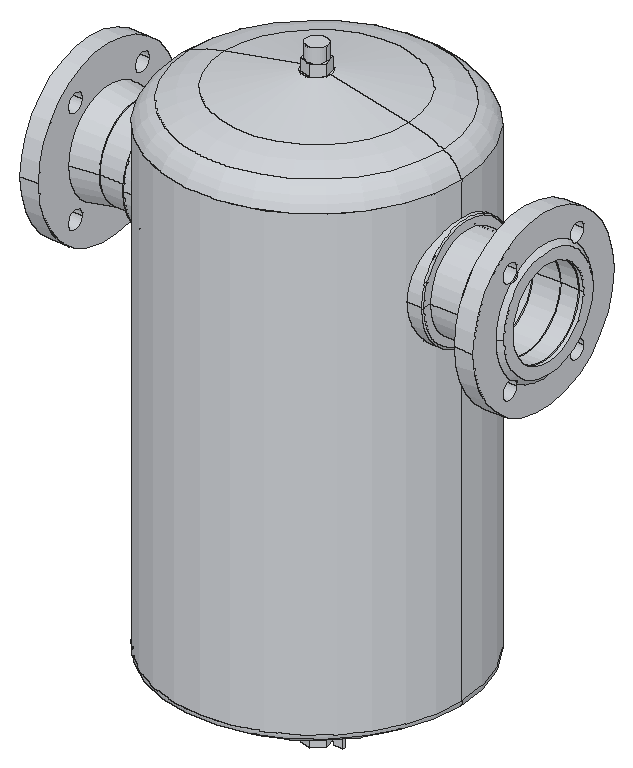
Revit family "Magnetic Dirt-Separator - R146MY110", category Plumbing Fixtures, Revit 2015
Reference planes
  plane 1 "Center (Front/Back)": y = 0
  plane 2: z = 0
  plane 3 "Center (Left/Right)": x = 0
  plane 4: y = 27.082
  plane 5: y = -27.082
  plane 6: y = 27.082
  plane 7: y = -27.082
  plane 8: y = 27.082
  plane 9: y = -27.082
  plane 10: x = 157
  plane 11: x = -157
  plane 12: z = 677
  plane 13: z = 502
  plane 14: x = 250
  plane 15: x = -250
  plane 16: y = 40
Forms (mm)
  Revolve 1, solid
    sketch origin (0, 0, 3) x (1, 0, 0) y (0, 0, 1)
      loop
        line (-157, 595.38) -> (-157, 90.761)
        arc (-157, 90.761) -> (-156.776, 88.33) -> (-156.111, 85.981) r 13.306
        arc (-156.111, 85.981) -> (-118.712, 66.054) -> (-77.013, 58.503) r 137.074
        line (-77.013, 58.503) -> (0, 58.503) -> (0, 647.163) -> (-15, 647.163)
        arc (-15, 647.163) -> (-57.151, 638.224) -> (-99.457, 630.048) r 2383.951
        arc (-99.457, 630.048) -> (-118.686, 625.195) -> (-137.119, 617.88) r 151.942
        arc (-137.119, 617.88) -> (-149.364, 608.666) -> (-157, 595.38) r 38.188
      axis (0, 647.163) -> (0, 58.503)
    angle from 0 to 360
  Extrusion 2, solid
    sketch origin (0, 0, 648.912) x (1, 0, 0) y (0, 1, 0)
      loop
        line (9.899, 9.899) -> (-3.623, 13.523) -> (-13.523, 3.623) -> (-9.899, -9.899) -> (3.623, -13.523) -> (13.523, -3.623) -> (9.899, 9.899)
    from -0.912 to 13.088
  Extrusion 3, solid
    sketch origin (0, 0, 662) x (1, 0, 0) y (0, 1, 0)
      loop
        circle (0, 0) r 11
    from 0 to 15
  Extrusion 4, solid
    sketch origin (-37.5, 0, 63.737) x (0, 1, 0) y (0, 0, -1)
      loop
        circle (0, -438.263) r 50
    from -232.5 to 157.5
  Extrusion 5, solid
    sketch origin (0, 0, 37.792) x (0, -1, 0) y (1, 0, 0)
      loop
        line (-9.899, 9.899) -> (-13.523, -3.623) -> (-3.623, -13.523) -> (9.899, -9.899) -> (13.523, 3.623) -> (3.623, 13.523) -> (-9.899, 9.899)
    from 7.343 to 14.343
  Extrusion 6, solid
    sketch origin (0, 0, 53.87) x (0, -1, 0) y (1, 0, 0)
      loop
        circle (0, 0) r 12
    from -1.736 to 1.264
  Extrusion 7, solid
    sketch origin (0, 0, 49.331) x (0, -1, 0) y (1, 0, 0)
      loop
        circle (0, 0) r 13
    from 5.803 to 12.803
  Revolve 8, solid
    sketch origin (16.384, 0, 28.102) x (1, 0, 0) y (0, 1, 0)
      loop
        line (0.632, -8.291) -> (12.097, -8.291) -> (12.563, -7.291) -> (6.89, -7.291) -> (6.89, -2.2) -> (10.212, -2.2) -> (10.212, 0) -> (-27.115, 0) -> (-27.115, -7) -> (0.632, -7) -> (0.632, -8.291)
      axis (-27.115, 0) -> (12.563, 0)
    angle from 0 to 360
  Extrusion 9, solid
    sketch origin (0, -1, -5.625) x (-1, 0, 0) y (0, 0, 1)
      loop
        line (-17.015, 41.903) -> (-17.015, 47.933) -> (-19.099, 58.652) -> (-28.947, 58.652) -> (-28.947, 42.73) -> (-28.47, 41.903) -> (-17.015, 41.903)
      loop
        line (-19.099, 8.802) -> (-17.015, 19.522) -> (-17.015, 25.572) -> (-28.458, 25.572) -> (-28.947, 24.724) -> (-28.947, 8.802) -> (-19.099, 8.802)
    from 0 to 2
  SweptBlend 10, solid
    path origin (89.99, 0, 40) x (1, 0, 0) y (0, 0, 1)
      loop
        line (135.01, 462) -> (105.01, 462)
    profile origin (225, 0, 502) x (0, 0, -1) y (0, -1, 0)
      loop
        circle (0, 0) r 55
    end profile origin (195, 0, 502) x (0, 0, -1) y (0, -1, 0)
      loop
        circle (0, 0) r 50
  Extrusion 11, solid
    sketch origin (-147.5, 0, 63.737) x (0, 1, 0) y (0, 0, 1)
      loop
        circle (0, 438.263) r 95
      loop
        circle (45.307, 494.859) r 10
      loop
        circle (-45.307, 494.859) r 10
      loop
        circle (45.307, 381.667) r 10
      loop
        circle (-45.307, 381.667) r 10
    from -97.5 to -77.5
  SweptBlend 12, solid
    path origin (-89.99, 0, 40) x (-1, 0, 0) y (0, 0, -1)
      loop
        line (135.01, -462) -> (105.01, -462)
    profile origin (-225, 0, 502) x (0, 0, 1) y (0, -1, 0)
      loop
        circle (0, 0) r 55
    end profile origin (-195, 0, 502) x (0, 0, 1) y (0, -1, 0)
      loop
        circle (0, 0) r 50
  SweptBlend 13, solid
    path origin (-442.49, 0, 40) x (1, 0, 0) y (0, 0, 1)
      loop
        line (197.49, 462) -> (192.49, 462)
    profile origin (-245, 0, 502) x (0, 0, -1) y (0, -1, 0)
      loop
        circle (0, 0) r 65
    end profile origin (-250, 0, 502) x (0, 0, -1) y (0, -1, 0)
      loop
        circle (0, 0) r 60
  Extrusion 14, solid
    sketch origin (0, 0, -7.343) x (0, -1, 0) y (1, 0, 0)
      loop
        line (-9.899, 9.899) -> (-13.523, -3.623) -> (-3.623, -13.523) -> (9.899, -9.899) -> (13.523, 3.623) -> (3.623, 13.523) -> (-9.899, 9.899)
    from 7.343 to 17.343
  Extrusion 15, solid
    sketch origin (0, 0, 36.27) x (0, -1, 0) y (1, 0, 0)
      loop
        circle (0, 0) r 13
    from -26.27 to 8.865
  Extrusion 16, solid
    sketch origin (147.5, 0, 63.737) x (0, 1, 0) y (0, 0, -1)
      loop
        circle (0, -438.263) r 95
      loop
        circle (45.307, -494.859) r 10
      loop
        circle (-45.307, -494.859) r 10
      loop
        circle (45.307, -381.667) r 10
      loop
        circle (-45.307, -381.667) r 10
    from -97.5 to -77.5
  SweptBlend 17, solid
    path origin (442.49, 0, 40) x (-1, 0, 0) y (0, 0, -1)
      loop
        line (197.49, -462) -> (192.49, -462)
    profile origin (245, 0, 502) x (0, 0, 1) y (0, -1, 0)
      loop
        circle (0, 0) r 65
    end profile origin (250, 0, 502) x (0, 0, 1) y (0, -1, 0)
      loop
        circle (0, 0) r 60
  Extrusion 18, void
    sketch origin (85, 0, 40) x (0, 1, 0) y (0, 0, 1)
      loop
        circle (-45.307, 518.596) r 10
    from 134.322 to 170
  Extrusion 19, void
    sketch origin (85, 90.614, 40) x (0, 1, 0) y (0, 0, 1)
      loop
        circle (-45.307, 518.596) r 10
    from 134.322 to 170
  Extrusion 20, void
    sketch origin (85, 90.614, -73.193) x (0, 1, 0) y (0, 0, 1)
      loop
        circle (-45.307, 518.596) r 10
    from 134.322 to 170
  Extrusion 21, void
    sketch origin (85, 0, -73.193) x (0, 1, 0) y (0, 0, 1)
      loop
        circle (-45.307, 518.596) r 10
    from 134.322 to 170
  Extrusion 22, void
    sketch origin (-385, 90.614, 40) x (0, 1, 0) y (0, 0, 1)
      loop
        circle (-45.307, 518.596) r 10
    from 127.052 to 170
  Extrusion 23, void
    sketch origin (-385, 90.614, -73.193) x (0, 1, 0) y (0, 0, 1)
      loop
        circle (-45.307, 518.596) r 10
    from 129.816 to 170
  Extrusion 24, void
    sketch origin (-385, 0, -73.193) x (0, 1, 0) y (0, 0, 1)
      loop
        circle (-45.307, 518.596) r 10
    from 129.816 to 170
  Extrusion 25, void
    sketch origin (-385, 0, 40) x (0, 1, 0) y (0, 0, 1)
      loop
        circle (-45.307, 518.596) r 10
    from 129.816 to 170
  Revolve 26, solid
    sketch origin (-7.5, 0, 502) x (1, 0, 0) y (0, 1, 0)
      loop
        line (-154.644, 50.388) -> (170.247, 50.388) -> (170.247, 58.739)
        arc (170.247, 58.739) -> (169.809, 59.794) -> (168.754, 60.231) r 1.492
        line (168.754, 60.231) -> (-153.151, 60.231)
        arc (-153.151, 60.231) -> (-154.207, 59.794) -> (-154.644, 58.739) r 1.492
        line (-154.644, 58.739) -> (-154.644, 50.388)
      axis (170.247, 0) -> (-154.644, 0)
    angle from 0 to 360
  Sweep 27, void
    path origin (0, 0, 0) x (1, 0, 0) y (0, 1, 0)
      loop
        line (290, 0) -> (-365, 0)
    profile origin (-37.5, 0, 0) x (0, -1, 0) y (0, 0, 1)
      loop
        circle (0, 502) r 48
Cuts and joins
  Extrusion 18, Sweep 27 cuts Revolve 1
  Extrusion 18, Extrusion 19, Extrusion 20, Extrusion 21, Sweep 27 cuts Extrusion 16
  Extrusion 18, Extrusion 19, Extrusion 20, Extrusion 21, Sweep 27 cuts SweptBlend 17
  Extrusion 22, Extrusion 23, Extrusion 24, Extrusion 25, Sweep 27 cuts Extrusion 11
  Extrusion 22, Extrusion 23, Extrusion 24, Extrusion 25, Sweep 27 cuts SweptBlend 13
  Sweep 27 cuts Extrusion 4
  Sweep 27 cuts SweptBlend 10
  Sweep 27 cuts SweptBlend 12
Dimensions and locks
  equal spacing: plane 10, plane 3 "Center (Left/Right)", plane 11
  plane 10 to plane 3 "Center (Left/Right)" = 157 mm
  plane 10 to plane 11 = 314 mm
  plane 2 to plane 12 = 677 mm
  plane 2 to plane 13 = 502 mm
  plane 14 to plane 15 = 500 mm
  plane 14 to plane 3 "Center (Left/Right)" = 250 mm
  equal spacing: plane 14, plane 3 "Center (Left/Right)", plane 15
  aligned and locked: level to plane 2
Automatic sketch dimensions
  Extrusion 2 sketch curve to plane 3 "Center (Left/Right)" = 3.623 mm
  plane 3 "Center (Left/Right)" to Extrusion 2 sketch curve = 3.623 mm
  plane 3 "Center (Left/Right)" to Extrusion 2 sketch curve = 9.899 mm
  plane 1 "Center (Front/Back)" to Extrusion 2 sketch curve = 3.623 mm
  plane 3 "Center (Left/Right)" to Extrusion 2 sketch curve = 13.523 mm
  plane 1 "Center (Front/Back)" to Extrusion 2 sketch curve = 9.899 mm
  plane 1 "Center (Front/Back)" to Extrusion 2 sketch curve = 13.523 mm
  Extrusion 2 sketch curve to plane 1 "Center (Front/Back)" = 3.623 mm
  Extrusion 2 sketch curve to plane 1 "Center (Front/Back)" = 9.899 mm
  Extrusion 2 sketch curve to plane 1 "Center (Front/Back)" = 13.523 mm
  plane 1 "Center (Front/Back)" to Extrusion 3 sketch curve = 0 mm
  Extrusion 3 sketch curve to plane 3 "Center (Left/Right)" = 0 mm
  Extrusion 4 sketch curve to plane 1 "Center (Front/Back)" = 0 mm
  Extrusion 5 sketch curve to plane 3 "Center (Left/Right)" = 3.623 mm
  Extrusion 5 sketch curve to plane 1 "Center (Front/Back)" = 13.523 mm
  Extrusion 5 sketch curve to plane 1 "Center (Front/Back)" = 9.899 mm
  Extrusion 5 sketch curve to plane 1 "Center (Front/Back)" = 3.623 mm
  plane 1 "Center (Front/Back)" to Extrusion 5 sketch curve = 3.623 mm
  plane 1 "Center (Front/Back)" to Extrusion 5 sketch curve = 9.899 mm
  plane 3 "Center (Left/Right)" to Extrusion 5 sketch curve = 3.623 mm
  plane 1 "Center (Front/Back)" to Extrusion 5 sketch curve = 13.523 mm
  plane 3 "Center (Left/Right)" to Extrusion 5 sketch curve = 9.899 mm
  plane 3 "Center (Left/Right)" to Extrusion 5 sketch curve = 13.523 mm
  plane 1 "Center (Front/Back)" to Extrusion 6 sketch curve = 0 mm
  Extrusion 6 sketch curve to plane 3 "Center (Left/Right)" = 0 mm
  plane 1 "Center (Front/Back)" to Extrusion 7 sketch curve = 0 mm
  Extrusion 7 sketch curve to plane 3 "Center (Left/Right)" = 0 mm
  plane 1 "Center (Front/Back)" to Revolve 8 sketch curve = 0 mm  (x2)
  plane 1 "Center (Front/Back)" to Revolve 8 sketch curve = 8.291 mm
  plane 3 "Center (Left/Right)" to Revolve 8 sketch curve = 17.015 mm
  Revolve 8 sketch curve to Revolve 8 sketch curve = 6.258 mm
  Revolve 8 sketch curve to Revolve 8 sketch curve = 3.322 mm
  Revolve 8 sketch curve to Revolve 8 sketch curve = 5.207 mm
  plane 1 "Center (Front/Back)" to Revolve 8 sketch curve = 7.291 mm
  Revolve 8 sketch curve to Revolve 8 sketch curve = 0.466 mm
  Revolve 8 sketch curve to Revolve 8 sketch curve = 1.291 mm
  plane 1 "Center (Front/Back)" to Revolve 8 sketch curve = 2.2 mm
  plane 3 "Center (Left/Right)" to Revolve 8 sketch curve = 8.982 mm
  Revolve 8 sketch curve to Revolve 8 sketch curve = 6.708 mm
  plane 3 "Center (Left/Right)" to Extrusion 9 sketch curve = 28.947 mm
  Extrusion 9 sketch curve to Extrusion 9 sketch curve = 0 mm
  Extrusion 9 sketch curve to Extrusion 9 sketch curve = 0.477 mm
  Extrusion 9 sketch curve to Extrusion 9 sketch curve = 0.489 mm
  level to Extrusion 9 sketch curve = 3.177 mm
  Extrusion 9 sketch curve to Extrusion 9 sketch curve = 9.848 mm  (x2)
  Extrusion 9 sketch curve to Extrusion 9 sketch curve = 2.084 mm
  Extrusion 9 sketch curve to Extrusion 9 sketch curve = 11.443 mm
  Extrusion 9 sketch curve to Extrusion 9 sketch curve = 10.719 mm
  Extrusion 9 sketch curve to Extrusion 9 sketch curve = 5.203 mm
  Extrusion 9 sketch curve to Extrusion 9 sketch curve = 6.05 mm
  Extrusion 9 sketch curve to Extrusion 9 sketch curve = 16.332 mm
  Extrusion 9 sketch curve to Extrusion 9 sketch curve = 0.827 mm
  Extrusion 9 sketch curve to Extrusion 9 sketch curve = 6.029 mm
  Extrusion 9 sketch curve to Extrusion 9 sketch curve = 15.922 mm
  SweptBlend 10 sketch curve to SweptBlend 10 sketch curve = 0 mm  (x4)
  SweptBlend 10 sketch curve to profile plane = 0 mm  (x4)
  SweptBlend 10 sketch curve to profile plane = 55 mm
  SweptBlend 10 sketch curve to profile plane = 50 mm
  Extrusion 11 sketch curve to plane 1 "Center (Front/Back)" = 0 mm
  Extrusion 11 sketch curve to plane 7 = 18.225 mm  (x2)
  Extrusion 11 sketch curve to plane 6 = 18.225 mm  (x2)
  SweptBlend 12 sketch curve to SweptBlend 12 sketch curve = 0 mm  (x4)
  profile plane to SweptBlend 12 sketch curve = 0 mm  (x2)
  SweptBlend 12 sketch curve to profile plane = 0 mm  (x2)
  SweptBlend 12 sketch curve to profile plane = 55 mm
  SweptBlend 12 sketch curve to profile plane = 50 mm
  SweptBlend 13 sketch curve to SweptBlend 13 sketch curve = 0 mm  (x4)
  SweptBlend 13 sketch curve to profile plane = 0 mm  (x4)
  SweptBlend 13 sketch curve to profile plane = 65 mm
  SweptBlend 13 sketch curve to profile plane = 60 mm
  Extrusion 14 sketch curve to plane 3 "Center (Left/Right)" = 3.623 mm
  Extrusion 14 sketch curve to plane 1 "Center (Front/Back)" = 13.523 mm
  Extrusion 14 sketch curve to plane 1 "Center (Front/Back)" = 9.899 mm
  Extrusion 14 sketch curve to plane 1 "Center (Front/Back)" = 3.623 mm
  plane 1 "Center (Front/Back)" to Extrusion 14 sketch curve = 3.623 mm
  plane 1 "Center (Front/Back)" to Extrusion 14 sketch curve = 9.899 mm
  plane 3 "Center (Left/Right)" to Extrusion 14 sketch curve = 3.623 mm
  plane 1 "Center (Front/Back)" to Extrusion 14 sketch curve = 13.523 mm
  plane 3 "Center (Left/Right)" to Extrusion 14 sketch curve = 9.899 mm
  plane 3 "Center (Left/Right)" to Extrusion 14 sketch curve = 13.523 mm
  plane 1 "Center (Front/Back)" to Extrusion 15 sketch curve = 0 mm
  Extrusion 15 sketch curve to plane 3 "Center (Left/Right)" = 0 mm
  Extrusion 16 sketch curve to plane 1 "Center (Front/Back)" = 0 mm
  Extrusion 16 sketch curve to plane 9 = 18.225 mm  (x2)
  Extrusion 16 sketch curve to plane 8 = 18.225 mm  (x2)
  SweptBlend 17 sketch curve to SweptBlend 17 sketch curve = 0 mm  (x4)
  profile plane to SweptBlend 17 sketch curve = 0 mm  (x2)
  SweptBlend 17 sketch curve to profile plane = 0 mm  (x2)
  SweptBlend 17 sketch curve to profile plane = 65 mm
  SweptBlend 17 sketch curve to profile plane = 60 mm
  plane 1 "Center (Front/Back)" to Extrusion 18 sketch curve = 45.307 mm
  Extrusion 18 sketch curve to Extrusion 18 sketch curve = 10 mm
  Extrusion 19 sketch curve to plane 1 "Center (Front/Back)" = 45.307 mm
  Extrusion 19 sketch curve to Extrusion 19 sketch curve = 10 mm
  Extrusion 20 sketch curve to plane 1 "Center (Front/Back)" = 45.307 mm
  Extrusion 20 sketch curve to Extrusion 20 sketch curve = 10 mm
  plane 1 "Center (Front/Back)" to Extrusion 21 sketch curve = 45.307 mm
  Extrusion 21 sketch curve to Extrusion 21 sketch curve = 10 mm
  Extrusion 22 sketch curve to plane 1 "Center (Front/Back)" = 45.307 mm
  Extrusion 22 sketch curve to Extrusion 22 sketch curve = 10 mm
  Extrusion 23 sketch curve to plane 1 "Center (Front/Back)" = 45.307 mm
  Extrusion 23 sketch curve to Extrusion 23 sketch curve = 10 mm
  plane 1 "Center (Front/Back)" to Extrusion 24 sketch curve = 45.307 mm
  Extrusion 24 sketch curve to Extrusion 24 sketch curve = 10 mm
  plane 1 "Center (Front/Back)" to Extrusion 25 sketch curve = 45.307 mm
  Extrusion 25 sketch curve to Extrusion 25 sketch curve = 10 mm
  Extrusion 2 sketch curve to plane 3 "Center (Left/Right)" = 9.899 mm
  Extrusion 2 sketch curve to plane 3 "Center (Left/Right)" = 13.523 mm
  Extrusion 5 sketch curve to plane 3 "Center (Left/Right)" = 9.899 mm
  Extrusion 5 sketch curve to plane 3 "Center (Left/Right)" = 13.523 mm
  Revolve 8 sketch curve to plane 3 "Center (Left/Right)" = 10.731 mm
  Extrusion 14 sketch curve to plane 3 "Center (Left/Right)" = 9.899 mm
  Extrusion 14 sketch curve to plane 3 "Center (Left/Right)" = 13.523 mm
  SweptBlend 17 sketch curve to SweptBlend 17 sketch curve = 5 mm
  SweptBlend 13 sketch curve to SweptBlend 13 sketch curve = 5 mm
  plane 10 to SweptBlend 17 sketch curve = 93 mm
  SweptBlend 13 sketch curve to plane 11 = 93 mm
  plane 1 "Center (Front/Back)" to Revolve 26 sketch curve = 0 mm
  Revolve 26 sketch curve to plane 1 "Center (Front/Back)" = 50.388 mm
  Revolve 26 sketch curve to Revolve 26 sketch curve = 8.351 mm
  Revolve 26 sketch curve to Revolve 26 sketch curve = 1.492 mm
  Revolve 26 sketch curve to plane 3 "Center (Left/Right)" = 55.01 mm
  Extrusion 4 sketch curve to plane 12 = 175 mm
  Extrusion 11 sketch curve to plane 12 = 231.596 mm
  Extrusion 11 sketch curve to Extrusion 11 sketch curve = 0 mm
  Extrusion 11 sketch curve to Extrusion 11 sketch curve = 56.596 mm  (x3)
  SweptBlend 13 sketch curve to plane 12 = 175 mm
  Extrusion 16 sketch curve to plane 12 = 118.404 mm
  Extrusion 16 sketch curve to Extrusion 16 sketch curve = 0 mm
  Extrusion 16 sketch curve to Extrusion 16 sketch curve = 56.596 mm  (x3)
  SweptBlend 17 sketch curve to plane 12 = 175 mm
  Extrusion 18 sketch curve to Extrusion 18 sketch curve = 0 mm
  Extrusion 18 sketch curve to plane 12 = 118.404 mm
  Extrusion 19 sketch curve to Extrusion 19 sketch curve = 0 mm
  Extrusion 19 sketch curve to plane 12 = 118.404 mm
  Extrusion 20 sketch curve to Extrusion 20 sketch curve = 0 mm
  Extrusion 20 sketch curve to plane 12 = 231.596 mm
  Extrusion 21 sketch curve to Extrusion 21 sketch curve = 0 mm
  Extrusion 21 sketch curve to plane 12 = 231.596 mm
  Extrusion 22 sketch curve to Extrusion 22 sketch curve = 0 mm
  Extrusion 22 sketch curve to plane 12 = 118.404 mm
  Extrusion 23 sketch curve to Extrusion 23 sketch curve = 0 mm
  Extrusion 23 sketch curve to plane 12 = 231.596 mm
  Extrusion 24 sketch curve to Extrusion 24 sketch curve = 0 mm
  Extrusion 24 sketch curve to plane 12 = 231.596 mm
  Extrusion 25 sketch curve to Extrusion 25 sketch curve = 0 mm
  Extrusion 25 sketch curve to plane 12 = 118.404 mm
  Revolve 26 sketch curve to Revolve 26 sketch curve = 105.641 mm
  Revolve 26 sketch curve to plane 1 "Center (Front/Back)" = 58.739 mm
  plane 10 to Revolve 26 sketch curve = 4.254 mm
  plane 3 "Center (Left/Right)" to Revolve 26 sketch curve = 67.5 mm
  SweptBlend 12 sketch curve to plane 13 = 0 mm
  SweptBlend 12 sketch curve to plane 11 = 38 mm
  plane 15 to SweptBlend 12 sketch curve = 25 mm
  SweptBlend 10 sketch curve to plane 13 = 0 mm
  plane 10 to SweptBlend 10 sketch curve = 38 mm
  SweptBlend 10 sketch curve to plane 14 = 25 mm
  plane 1 "Center (Front/Back)" to Sweep 27 sketch curve = 0 mm
  Sweep 27 sketch curve to plane 15 = 115 mm
  plane 14 to Sweep 27 sketch curve = 40 mm
  Sweep 27 sketch curve to profile plane = 0 mm
  level to Sweep 27 sketch curve = 502 mm
  Revolve 1 sketch curve to plane 11 = 0 mm
  Revolve 1 sketch curve to plane 3 "Center (Left/Right)" = 0 mm  (x2)
  Revolve 1 sketch curve to Revolve 1 sketch curve = 13.306 mm
  plane 11 to Revolve 1 sketch curve = 36.254 mm
  Revolve 1 sketch curve to Revolve 1 sketch curve = 66.682 mm
  Revolve 1 sketch curve to plane 3 "Center (Left/Right)" = 73.731 mm
  Revolve 1 sketch curve to plane 13 = 18.388 mm
  Revolve 1 sketch curve to plane 3 "Center (Left/Right)" = 71.976 mm
  level to Revolve 1 sketch curve = 198.537 mm
  level to Revolve 1 sketch curve = 93.761 mm
  level to Revolve 1 sketch curve = 61.503 mm
  plane 13 to Revolve 1 sketch curve = 84.38 mm
  Revolve 1 sketch curve to Revolve 1 sketch curve = 12 mm
  Revolve 1 sketch curve to plane 12 = 26.837 mm
  Revolve 1 sketch curve to Revolve 1 sketch curve = 0 mm  (x2)
  Revolve 1 sketch curve to Revolve 1 sketch curve = 37.662 mm
  Revolve 1 sketch curve to Revolve 1 sketch curve = 15 mm
  Revolve 1 sketch curve to Revolve 1 sketch curve = 63.872 mm
  plane 12 to Revolve 1 sketch curve = 49.291 mm
  radius of Extrusion 3 sketch curve = 11 mm
  radius of Extrusion 4 sketch curve = 50 mm
  radius of Extrusion 6 sketch curve = 12 mm
  radius of Extrusion 7 sketch curve = 13 mm
  radius of Extrusion 11 sketch curve = 95 mm
  radius of Extrusion 11 sketch curve = 10 mm  (x4)
  radius of Extrusion 15 sketch curve = 13 mm
  radius of Extrusion 16 sketch curve = 95 mm
  radius of Extrusion 16 sketch curve = 10 mm  (x4)
  radius of Sweep 27 sketch curve = 48 mm
